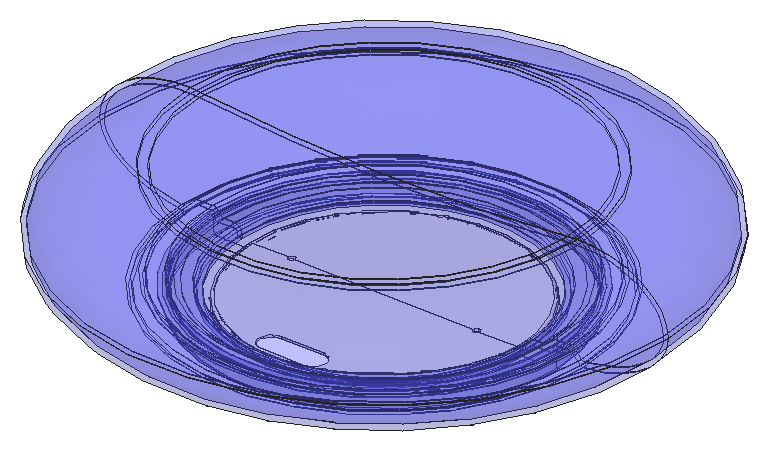
Revit family "12161_BEGA_Revit", category Lighting Fixtures, host Face, Revit 2017
Family settings
  Host = Face
  Round Connector Dimension = Use Diameter
  Part Type = Normal
  Cut with Voids When Loaded = Yes
  Light Source = Yes
  Shared = No
  Room Calculation Point = No
Parameters (values of type "Ceiling and Wall Luminaires - Unshielded")
  Wattage = 15.3829 W
  built-in parameter 1150110 = 1 (stored number, unit not read)
  URL = "www.bega-us.com"
  built-in parameter 1114217 = 1 (stored number, unit not read)
  Tilt Angle = 180.00°
  built-in parameter 1150109 = 1 (stored number, unit not read)
  built-in parameter 1150134 = 12
  Telephone = "805.684.0533"
  built-in parameter 1150113 = 1 (stored number, unit not read)
  Photometric Web File = "12161K4.ies"
  Model = "12 161"
  Manufacturer = "BEGA-US"
  built-in parameter 1150105 = 181.83 (stored number, unit not read)
  Lumens = 2285 lm
  built-in parameter 1150115 = 1 (stored number, unit not read)
  built-in parameter 1150137 = (empty or 0)
  built-in parameter 1150139 = (empty or 0)
  built-in parameter 1150112 = 1 (stored number, unit not read)
  built-in parameter 1150114 = 1 (stored number, unit not read)
  Lamp = "8.4W LED"
  built-in parameter 1150132 = 2
  built-in parameter 1150102 = (empty or 0)
  built-in parameter 1150107 = 4000 (stored number, unit not read)
  built-in parameter 1150138 = (empty or 0)
  built-in parameter 1150106 = 1.8183 (stored number, unit not read)
  built-in parameter 1150104 = 13.8 (stored number, unit not read)
  Dimming Lamp Color Temperature Shift = <None>
  Description = "LED ceiling and wall luminaires"
  Default Elevation = 6' - 0"
  Color Filter = 16777215
  built-in parameter 1114218 = 1 (stored number, unit not read)
  built-in parameter 1150133 = 10 (stored number, unit not read)
Types (4): name | Wattage | Tilt Angle | built-in parameter 1150134 | Photometric Web File | Model | built-in parameter 1150105 | Lumens | Lamp | built-in parameter 1150107 | built-in parameter 1150106 | Description
  (no name) | 15.3829 W | 180.00° | 12 | "12161K4.ies" | "12 161" | 181.83 (stored number, unit not read) | 2285 lm | "8.4W LED" | 4000 (stored number, unit not read) | 1.8183 (stored number, unit not read) | "LED ceiling and wall luminaires"
  Wall Luminaires - Directed Light | 18.4392 W | 90.00° | (empty or 0) | "generic" | "2260LED" | 217.96 (stored number, unit not read) | 2739 lm | "44.6W LED" | 3000 (stored number, unit not read) | 2.1796 (stored number, unit not read) | "Surface wall with cutoff optics"
  Wall Luminaires - Linear | 9.92985 W | 90.00° | 9 | "generic" | "4425P" | 117.38 (stored number, unit not read) | 1475 lm | "(1) 39W CF twin-4-p" | 3450 (stored number, unit not read) | 1.1738 (stored number, unit not read) | "Suface wall - linear with white acrylic diffuser"
  Ceiling and Wall Luminaires - Unshielded | 15.3829 W | 180.00° | 12 | "12161K4.ies" | "12 161" | 181.83 (stored number, unit not read) | 2285 lm | "8.4W LED" | 4000 (stored number, unit not read) | 1.8183 (stored number, unit not read) | "LED ceiling and wall luminaires"
Reference planes (in)
  plane 1 "Center (Front/Back)": y = 0
  plane 2: z = 0
  plane 3 "Center (Left/Right)": x = 0
Dimensions and locks (in)
  aligned and locked: plane 2 to host face
  aligned and locked: level to host face
Nested families (in)
  nested 1: "12161" at (0, 0, 0), type "12161"
Connectors (in)
  electrical at (0, 0, 0)
    settings: on host face, index 1, voltage 0 V, apparent load 0 VA, apparent load phase1 0 VA, apparent load phase2 0 VA, apparent load phase3 0 VA, power factor 1, load classification "Other", number of poles 1, system type 31, power factor state 1, is connector primary yes, connector utility no, sub classification motor no, connector description ""
Definition of nested family "12161"
  Parameters (values of type "12161")
    Default Elevation = 0' - 0.03937"
    URL = "http://www.bega.de/de/produkt"
    Type Comments = "© 2015 BEGA. Wir behalten uns das Recht vor, technische Änderungen ohne vorherige Ankündigung vorzunehmen. "  # constant formula
    Type Image = (empty or 0)
    Neigungswinkel_um_Z2 = 0.00°
    Neigungswinkel_um_Z1 = 0.00°
    Neigungswinkel_um_Y2 = 0.00°
    Neigungswinkel_um_Y1 = 0.00°
    Neigungswinkel_um_X2 = 0.00°
    Neigungswinkel_um_X1 = 0.00°
    Material_17 = none
    Material_15 = none
    Material_11 = none
    Material_09 = none
    Material_06 = none
    Material_05 = none
    Material_03 = none
    Material_02 = none
    Material_01 = none
    M_W = yes
    M_G = yes
    M_A = yes
    Länge_Platte = 1' - 11.62205"  # constant formula
    Höhe_Platte = -0' - 0.3937"  # constant formula
    Manufacturer = "BEGA"  # constant formula
    Drehwinkel_um_Z2 = 0.00°
    Drehwinkel_um_Z1 = 0.00°
    Breite_Platte = 1' - 11.62205"  # constant formula
  Reference planes (in)
    plane 1 "Mitte (Oben/Unten)": y = 0
    plane 2: z = 0
    plane 3 "Mitte (Links/Rechts)": x = 0
    plane 4: x = -9.07397
    plane 5: z = 4.04528
    plane 6: x = 9.07397
    plane 7: y = -9.0748
    plane 8: y = 9.0748
  Forms (in)
    Extrusion 1, solid, detail levels medium
      sketch origin (0, 0, 0) x (1, 0, 0) y (0, 1, 0)
        loop
          line (-11.81102, 11.81102) -> (-11.81102, -11.81102) -> (11.81102, -11.81102) -> (11.81102, 11.81102) -> (-11.81102, 11.81102)
      from 0 to -0.3937 <- "Höhe_Platte"
    Revolve 2, solid, material <- "Material_03", detail levels medium+fine
      sketch origin (0, 0, 0) x (1, 0, 0) y (0, 0, 1)
        loop
          line (-5.66929, 0.6496) -> (-5.66929, 0.6004) -> (-5.54376, 0.6004)
          arc (-5.54376, 0.6004) -> (-5.52325, 0.59212) -> (-5.51426, 0.5719) r 0.02952
          line (-5.51426, 0.5719) -> (-5.499, 0.13512)
          arc (-5.499, 0.13512) -> (-5.47503, 0.08118) -> (-5.4203, 0.05905) r 0.07874
          line (-5.4203, 0.05905) -> (-4.35922, 0.05905)
          arc (-4.35922, 0.05905) -> (-4.30449, 0.08119) -> (-4.28053, 0.13515) r 0.07874
          line (-4.28053, 0.13515) -> (-4.27764, 0.21785)
          arc (-4.27764, 0.21785) -> (-4.26566, 0.24483) -> (-4.23829, 0.2559) r 0.03937
          line (-4.23829, 0.2559) -> (0, 0.2559) -> (0, 0.30512) -> (-4.2478, 0.30512)
          arc (-4.2478, 0.30512) -> (-4.30249, 0.28302) -> (-4.32649, 0.22912) r 0.07874
          line (-4.32649, 0.22912) -> (-4.32938, 0.14626)
          arc (-4.32938, 0.14626) -> (-4.34138, 0.11931) -> (-4.36873, 0.10827) r 0.03937
          line (-4.36873, 0.10827) -> (-5.4108, 0.10827)
          arc (-5.4108, 0.10827) -> (-5.43815, 0.11931) -> (-5.45015, 0.14626) r 0.03937
          line (-5.45015, 0.14626) -> (-5.46507, 0.57361)
          arc (-5.46507, 0.57361) -> (-5.48915, 0.6275) -> (-5.54385, 0.6496) r 0.07874
          line (-5.54385, 0.6496) -> (-5.66929, 0.6496)
        axis (0, 0.6496) -> (0, 0.05905)
      angle from 0 to 360
    Revolve 3, solid, material <- "Material_11", detail levels medium+fine
      sketch origin (0, 0, 0) x (1, 0, 0) y (0, 0, 1)
        loop
          spline (0, 3.73031) -> (-0.4949, 3.73236) -> (-0.98953, 3.73851) -> (-1.48364, 3.74875) -> (-1.97696, 3.76308) -> (-2.46923, 3.78149) -> (-2.96018, 3.80397) -> (-3.44955, 3.83051) -> (-3.93709, 3.86109) -> (-4.42254, 3.89571) -> (-4.90563, 3.93433) -> (-5.38611, 3.97694) -> (-5.86373, 4.02352)
          arc (-5.86373, 4.02352) -> (-6.01978, 4.03652) -> (-6.1762, 4.0437) r 4.21423
          spline (-6.1762, 4.0437) -> (-6.54857, 4.03751) -> (-6.91646, 3.99875) -> (-7.27321, 3.92813) -> (-7.6124, 3.82693) -> (-7.92791, 3.69695) -> (-8.21405, 3.54055) -> (-8.46567, 3.36056) -> (-8.67823, 3.1602) -> (-8.84789, 2.9431) -> (-8.97159, 2.71317) -> (-9.04711, 2.47456) -> (-9.07309, 2.23157)
          spline (-9.07309, 2.23157) -> (-9.05188, 2.02343) -> (-8.98687, 1.81803) -> (-8.87893, 1.61808) -> (-8.72947, 1.42621) -> (-8.54046, 1.24494) -> (-8.31439, 1.07667) -> (-8.05425, 0.92361) -> (-7.76344, 0.78778) -> (-7.44581, 0.67096) -> (-7.10554, 0.5747) -> (-6.74711, 0.50025) -> (-6.37523, 0.44861)
          arc (-6.37523, 0.44861) -> (-6.32323, 0.45477) -> (-6.279, 0.48281) r 0.11811
          line (-6.279, 0.48281) -> (-6.01885, 0.74296)
          arc (-6.01885, 0.74296) -> (-5.98053, 0.76857) -> (-5.93533, 0.77756) r 0.11811
          line (-5.93533, 0.77756) -> (-5.45276, 0.77756)
          arc (-5.45276, 0.77756) -> (-5.411, 0.76026) -> (-5.3937, 0.7185) r 0.05906
          line (-5.3937, 0.7185) -> (-5.3937, 0.58071)
          arc (-5.3937, 0.58071) -> (-5.3764, 0.53895) -> (-5.33465, 0.52165) r 0.05906
          line (-5.33465, 0.52165) -> (-4.74409, 0.52165)
          arc (-4.74409, 0.52165) -> (-4.70234, 0.50435) -> (-4.68504, 0.4626) r 0.05906
          line (-4.68504, 0.4626) -> (-4.68504, 0.30512) -> (-4.52756, 0.30512) -> (-4.52756, 0.44291)
          arc (-4.52756, 0.44291) -> (-4.59675, 0.60994) -> (-4.76378, 0.67913) r 0.23622
          line (-4.76378, 0.67913) -> (-5.07739, 0.67913)
          arc (-5.07739, 0.67913) -> (-5.18432, 0.71078) -> (-5.25689, 0.79545) r 0.19685
          arc (-5.25689, 0.79545) -> (-5.34404, 0.89709) -> (-5.47244, 0.93504) r 0.23622
          line (-5.47244, 0.93504) -> (-5.96807, 0.93504)
          arc (-5.96807, 0.93504) -> (-6.04333, 0.92003) -> (-6.10714, 0.87738) r 0.19685
          line (-6.10714, 0.87738) -> (-6.30982, 0.6747)
          arc (-6.30982, 0.6747) -> (-6.37366, 0.63204) -> (-6.44897, 0.61705) r 0.19685
          spline (-6.44897, 0.61705) -> (-6.80014, 0.67056) -> (-7.13758, 0.74524) -> (-7.45659, 0.83993) -> (-7.75256, 0.95325) -> (-8.02144, 1.0831) -> (-8.25932, 1.2272) -> (-8.46267, 1.38306) -> (-8.62959, 1.5474) -> (-8.75859, 1.71676) -> (-8.84862, 1.88804) -> (-8.90053, 2.05979) -> (-8.91561, 2.23094)
          spline (-8.91561, 2.23094) -> (-8.89304, 2.44233) -> (-8.82672, 2.65187) -> (-8.71623, 2.8567) -> (-8.56171, 3.05371) -> (-8.3655, 3.23866) -> (-8.13053, 3.40705) -> (-7.8602, 3.55464) -> (-7.55989, 3.67832) -> (-7.23546, 3.77525) -> (-6.89294, 3.84293) -> (-6.53901, 3.88021) -> (-6.18049, 3.88628)
          arc (-6.18049, 3.88628) -> (-6.03455, 3.87966) -> (-5.88893, 3.86779) r 4.05675
          spline (-5.88893, 3.86779) -> (-5.40928, 3.82093) -> (-4.92674, 3.77806) -> (-4.44157, 3.73921) -> (-3.95404, 3.70439) -> (-3.46441, 3.67362) -> (-2.97293, 3.64692) -> (-2.47986, 3.62431) -> (-1.98548, 3.60579) -> (-1.49003, 3.59137) -> (-0.9938, 3.58107) -> (-0.49703, 3.57489) -> (0, 3.57283)
          line (0, 3.57283) -> (0, 3.73031)
        axis (0, 4.0437) -> (0, 0.30512)
      angle from 0 to 360
    Revolve 4, solid, material <- "Material_03", detail levels medium+fine
      sketch origin (0, 0, 0) x (1, 0, 0) y (0, 0, 1)
        loop
          arc (-4.99883, 0.0836) -> (-4.86786, 0.02136) -> (-4.72443, 0) r 0.49206
          line (-4.72443, 0) -> (-4.72443, 0.0836) -> (-4.99883, 0.0836)
        axis (-4.72443, 0) -> (-4.72443, 0.0836)
      angle from 0 to 360
    Extrusion 5, void
      sketch origin (0, 0, 0) x (1, 0, 0) y (0, 1, 0)
        loop
          circle (-2.95276, 0) r 0.10827
        loop
          line (0.66929, -3.26772) -> (-0.66929, -3.26772)
          arc (-0.66929, -3.26772) -> (-1.06299, -3.66142) -> (-0.66929, -4.05512) r 0.3937
          line (-0.66929, -4.05512) -> (0.66929, -4.05512)
          arc (0.66929, -4.05512) -> (1.06299, -3.66142) -> (0.66929, -3.26772) r 0.3937
        loop
          circle (2.95276, 0) r 0.10827
      from 0 to 0.3937
    Revolve 6, solid, material <- "Material_03", detail levels medium+fine
      sketch origin (0, 0, 0) x (0, -1, 0) y (0, 0, 1)
        loop
          arc (-4.99883, 0.0836) -> (-4.86786, 0.02136) -> (-4.72443, 0) r 0.49206
          line (-4.72443, 0) -> (-4.72443, 0.0836) -> (-4.99883, 0.0836)
        axis (-4.72443, 0) -> (-4.72443, 0.0836)
      angle from 0 to 360
    Revolve 7, solid, material <- "Material_03", detail levels medium+fine
      sketch origin (0, 0, 0) x (0, 1, 0) y (0, 0, 1)
        loop
          arc (-4.99883, 0.0836) -> (-4.86786, 0.02136) -> (-4.72443, 0) r 0.49206
          line (-4.72443, 0) -> (-4.72443, 0.0836) -> (-4.99883, 0.0836)
        axis (-4.72443, 0) -> (-4.72443, 0.0836)
      angle from 0 to 360
    Revolve 8, solid, material <- "Material_03", detail levels medium+fine
      sketch origin (0, 0, 0) x (-1, 0, 0) y (0, 0, 1)
        loop
          arc (-4.99883, 0.0836) -> (-4.86786, 0.02136) -> (-4.72443, 0) r 0.49206
          line (-4.72443, 0) -> (-4.72443, 0.0836) -> (-4.99883, 0.0836)
        axis (-4.72443, 0) -> (-4.72443, 0.0836)
      angle from 0 to 360
  Cuts and joins
    Extrusion 5 cuts Revolve 2
    Extrusion 5 cuts Revolve 4
    joined: Revolve 2, Revolve 4, Revolve 6, Revolve 7, Revolve 8
  Dimensions and locks (in)
    equal spacing: Extrusion 1 sketch curve, plane 3 "Mitte (Links/Rechts)", Extrusion 1 sketch curve
    equal spacing: Extrusion 1 sketch curve, plane 1 "Mitte (Oben/Unten)", Extrusion 1 sketch curve
    "Länge_Platte": Extrusion 1 sketch curve to Extrusion 1 sketch curve
    "Breite_Platte": Extrusion 1 sketch curve to Extrusion 1 sketch curve
    aligned and locked: Extrusion 1 to plane 2
    aligned and locked: level to Extrusion 1
  Automatic sketch dimensions
    Revolve 4 sketch curve to Revolve 4 sketch curve = 0' - 0.27438"
    Revolve 4 sketch curve to Revolve 4 sketch curve = 0' - 0.2744"
    Revolve 4 sketch curve to Revolve 4 sketch curve = 0' - 0.0836"
    Revolve 4 sketch curve to Revolve 4 sketch curve = 0' - 0"
    Revolve 4 sketch curve to Revolve 4 sketch curve = 0' - 0.02324"
    Revolve 4 sketch curve to Revolve 4 sketch curve = 0' - 0.05421"
    Revolve 2 sketch curve to plane 3 "Mitte (Links/Rechts)" = 0' - 0"  (x2)
    level to Revolve 2 sketch curve = 0' - 0.21653"
    level to Revolve 2 sketch curve = 0' - 0.21785"
    Revolve 2 sketch curve to Revolve 2 sketch curve = 0' - 0.02984"  (x3)
    level to Revolve 2 sketch curve = 0' - 0.13515"
    Revolve 2 sketch curve to Revolve 2 sketch curve = 0' - 0.00289"
    level to Revolve 2 sketch curve = 0' - 0.14626"  (x2)
    Revolve 2 sketch curve to Revolve 2 sketch curve = 0' - 0.04885"  (x3)
    Revolve 2 sketch curve to Revolve 2 sketch curve = 0' - 0.0095"  (x3)
    level to Revolve 2 sketch curve = 0' - 0.14764"
    Revolve 2 sketch curve to Revolve 2 sketch curve = 0' - 1.04207"
    level to Revolve 2 sketch curve = 0' - 0.13512"
    level to Revolve 2 sketch curve = 0' - 0.5719"
    Revolve 2 sketch curve to Revolve 2 sketch curve = 0' - 0.06411"
    Revolve 2 sketch curve to Revolve 2 sketch curve = 0' - 0.0295"
    Revolve 2 sketch curve to Revolve 2 sketch curve = 0' - 0.00009"  (x2)
    Revolve 2 sketch curve to Revolve 2 sketch curve = 0' - 0.12544"
    Revolve 2 sketch curve to Revolve 2 sketch curve = 0' - 0.00984"  (x4)
    Revolve 2 sketch curve to Revolve 2 sketch curve = 0' - 0.04921"
    Revolve 2 sketch curve to Revolve 2 sketch curve = 0' - 0.00104"
    Revolve 2 sketch curve to Revolve 2 sketch curve = 0' - 0.00002"
    Revolve 2 sketch curve to Revolve 2 sketch curve = 0' - 0.0492"
    Revolve 2 sketch curve to Revolve 2 sketch curve = 0' - 0.00951"  (x2)
    level to Revolve 2 sketch curve = 0' - 0.22912"
    Revolve 2 sketch curve to Revolve 2 sketch curve = 0' - 0"  (x6)
    level to Revolve 2 sketch curve = 0' - 0.57361"
    Revolve 2 sketch curve to Revolve 2 sketch curve = 0' - 0.04919"
    Revolve 6 sketch curve to Revolve 6 sketch curve = 0' - 0.27438"
    Revolve 6 sketch curve to Revolve 6 sketch curve = 0' - 0.2744"
    Revolve 6 sketch curve to Revolve 6 sketch curve = 0' - 0.0836"
    Revolve 6 sketch curve to Revolve 6 sketch curve = 0' - 0"
    Revolve 6 sketch curve to Revolve 6 sketch curve = 0' - 0.02324"
    Revolve 6 sketch curve to Revolve 6 sketch curve = 0' - 0.05421"
    Revolve 7 sketch curve to Revolve 7 sketch curve = 0' - 0.27438"
    Revolve 7 sketch curve to Revolve 7 sketch curve = 0' - 0.2744"
    Revolve 7 sketch curve to Revolve 7 sketch curve = 0' - 0.0836"
    Revolve 7 sketch curve to Revolve 7 sketch curve = 0' - 0"
    Revolve 7 sketch curve to Revolve 7 sketch curve = 0' - 0.02324"
    Revolve 7 sketch curve to Revolve 7 sketch curve = 0' - 0.05421"
    Revolve 8 sketch curve to Revolve 8 sketch curve = 0' - 0.27438"
    Revolve 8 sketch curve to Revolve 8 sketch curve = 0' - 0.2744"
    Revolve 8 sketch curve to Revolve 8 sketch curve = 0' - 0.0836"
    Revolve 8 sketch curve to Revolve 8 sketch curve = 0' - 0"
    Revolve 8 sketch curve to Revolve 8 sketch curve = 0' - 0.02324"
    Revolve 8 sketch curve to Revolve 8 sketch curve = 0' - 0.05421"
    Revolve 4 sketch curve to level = 0' - 0"
    Revolve 6 sketch curve to level = 0' - 0"
    Revolve 7 sketch curve to level = 0' - 0"
    Revolve 8 sketch curve to level = 0' - 0"
    plane 1 "Mitte (Oben/Unten)" to Extrusion 5 sketch curve = 0' - 0"  (x2)
    Extrusion 5 sketch curve to plane 3 "Mitte (Links/Rechts)" = 0' - 2.95276"
    Extrusion 5 sketch curve to plane 3 "Mitte (Links/Rechts)" = 0' - 0.66929"
    plane 3 "Mitte (Links/Rechts)" to Extrusion 5 sketch curve = 0' - 0.66929"
    plane 3 "Mitte (Links/Rechts)" to Extrusion 5 sketch curve = 0' - 2.95276"
    plane 1 "Mitte (Oben/Unten)" to Extrusion 5 sketch curve = 0' - 3.26772"
    Extrusion 5 sketch curve to Extrusion 5 sketch curve = 0' - 0.3937"
    level to Revolve 3 sketch curve = 0' - 0.61705"
    Revolve 3 sketch curve to Revolve 3 sketch curve = 0' - 0.00004"
    Revolve 3 sketch curve to Revolve 3 sketch curve = 0' - 0.0862"
    Revolve 3 sketch curve to level = 0' - 0.16896"
    Revolve 3 sketch curve to Revolve 3 sketch curve = 0' - 0.07147"
    Revolve 3 sketch curve to Revolve 3 sketch curve = 0' - 0"  (x27)
    level to Revolve 3 sketch curve = 0' - 0.48281"
    Revolve 3 sketch curve to Revolve 3 sketch curve = 0' - 0.08378"
    Revolve 3 sketch curve to Revolve 3 sketch curve = 0' - 0.34187"
    Revolve 3 sketch curve to Revolve 3 sketch curve = 0' - 0.13907"
    Revolve 3 sketch curve to Revolve 3 sketch curve = 0' - 0.13919"  (x2)
    Revolve 3 sketch curve to Revolve 3 sketch curve = 0' - 0.03262"
    Revolve 3 sketch curve to Revolve 3 sketch curve = 0' - 0.46289"
    Revolve 3 sketch curve to Revolve 3 sketch curve = 0' - 0.01969"  (x5)
    Revolve 3 sketch curve to Revolve 3 sketch curve = 0' - 0.11811"  (x2)
    Revolve 3 sketch curve to Revolve 3 sketch curve = 0' - 0.25725"
    Revolve 3 sketch curve to Revolve 3 sketch curve = 0' - 0.00012"
    Revolve 3 sketch curve to Revolve 3 sketch curve = 0' - 0.31361"
    Revolve 3 sketch curve to Revolve 3 sketch curve = 0' - 0.07874"  (x2)
    Revolve 3 sketch curve to Revolve 3 sketch curve = 0' - 0.15748"  (x2)
    plane 3 "Mitte (Links/Rechts)" to Revolve 3 sketch curve = 0' - 0"
    level to Revolve 3 sketch curve = 0' - 0.30512"
    Revolve 3 sketch curve to Revolve 3 sketch curve = 0' - 0.1378"  (x2)
    Revolve 3 sketch curve to Revolve 3 sketch curve = 0' - 0.05098"
    level to Revolve 3 sketch curve = 0' - 0.58071"
    Revolve 3 sketch curve to Revolve 3 sketch curve = 0' - 0.17664"
    Revolve 3 sketch curve to Revolve 3 sketch curve = 0' - 0.09843"
    Revolve 3 sketch curve to Revolve 3 sketch curve = 0' - 0.03937"
    Revolve 3 sketch curve to Revolve 3 sketch curve = 0' - 0.19685"  (x2)
    level to Revolve 3 sketch curve = 0' - 3.57283"
    Revolve 3 sketch curve to Revolve 3 sketch curve = 0' - 0.0838"
    Revolve 3 sketch curve to Revolve 3 sketch curve = 0' - 0.09624"
    Revolve 3 sketch curve to Revolve 3 sketch curve = 0' - 0.05296"
    level to Revolve 3 sketch curve = 0' - 0.6747"
    Revolve 3 sketch curve to Revolve 3 sketch curve = 0' - 0.33115"
    Revolve 3 sketch curve to Revolve 3 sketch curve = 0' - 0.0043"
    level to Revolve 3 sketch curve = 0' - 0.74296"
    Revolve 3 sketch curve to Revolve 3 sketch curve = 0' - 0.0509"
    Revolve 3 sketch curve to Revolve 3 sketch curve = 0' - 0.0252"
    Revolve 3 sketch curve to Revolve 3 sketch curve = 0' - 0.57257"
    Revolve 3 sketch curve to Revolve 3 sketch curve = 0' - 0.05906"  (x2)
    Revolve 3 sketch curve to Revolve 3 sketch curve = 0' - 0.13681"
    plane 3 "Mitte (Links/Rechts)" to Revolve 3 sketch curve = 0' - 0.00091"
    plane 3 "Mitte (Links/Rechts)" to Revolve 3 sketch curve = 0' - 0.00134"
    Revolve 3 sketch curve to Revolve 3 sketch curve = 0' - 0.00761"
    Revolve 3 sketch curve to Revolve 3 sketch curve = 0' - 0.00268"
    Revolve 3 sketch curve to Revolve 3 sketch curve = 0' - 0.13015"
    Revolve 2 sketch curve to plane 3 "Mitte (Links/Rechts)" = 0' - 4 61/256"
    Revolve 3 sketch curve to plane 3 "Mitte (Links/Rechts)" = 0' - 4.52756"
    Revolve 3 sketch curve to Revolve 3 sketch curve = 0' - 0.11872"
    level to Revolve 3 sketch curve = 0' - 2.23094"
    Revolve 3 sketch curve to Revolve 3 sketch curve = 0' - 2.6164"
    Revolve 3 sketch curve to Revolve 3 sketch curve = 0' - 0.15749"
    Revolve 3 sketch curve to Revolve 3 sketch curve = 0' - 0.15742"
    Revolve 3 sketch curve to Revolve 3 sketch curve = 0' - 0.31247"
    level to Revolve 3 sketch curve = 0' - 11.43297"
    Revolve 4 sketch curve to plane 3 "Mitte (Links/Rechts)" = 0' - 4.99883"
    plane 3 "Mitte (Links/Rechts)" to Revolve 8 sketch curve = 0' - 4.99883"
    plane 1 "Mitte (Oben/Unten)" to Revolve 7 sketch curve = 0' - 4.99883"
    Revolve 6 sketch curve to plane 1 "Mitte (Oben/Unten)" = 0' - 4.99883"
    radius of Extrusion 5 sketch curve = 0' - 0.10827"  (x2)
